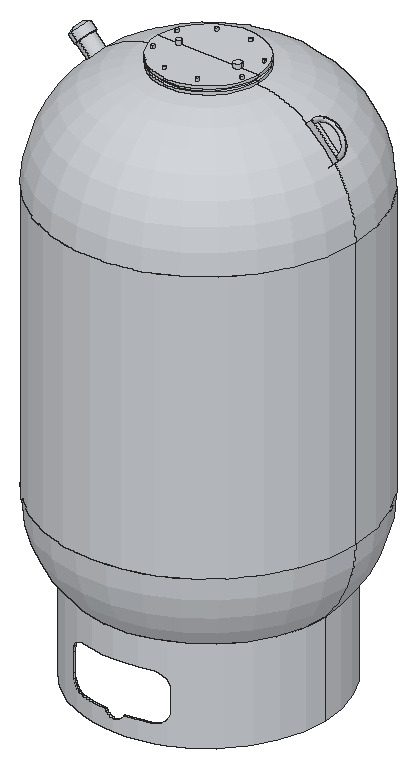
Revit family "NLA-500", category Mechanical Equipment, Revit 2014
Parameters
  VoidLength = F * 0.25  # 6"
  Void [instance] = 10"
  URL = "http://westank.com/"
  Tank Volume = "132 Gallons"
  Part Number = "22010500"
  OuterRadius = F / 2  # 12"
  Model = "NLA-500"
  Maximum Operating Temperature = "240°F"
  Maximum Operating Pressure = "125 PSIG"
  Manufacturer = "Wessels Company"
  InnerRadius = (F * 0.9844) / 2  # 11.8128"
  HandleAngle = 35.00°
  G = 5 1/4"
  F = 24"
  D = 3/4"
  C = 1 1/2"
  BottomOfTheCylinder = 6.11811"
  B = 57"
  Approximate Shipment Weight = "335 lbs"
  AngleHeight = B * 0.7878  # 44.9046"
  Angle = 35.00°
  A = 30"
Reference planes (in)
  plane 1 "Center (Front/Back)": y = 0
  plane 2: z = 0
  plane 3 "Center (Left/Right)": x = 0
  plane 4: x = -15
  plane 5: x = -3
  plane 6: x = 3
  plane 7: z = 6.11811
  plane 8: z = 33.09809
  plane 9: z = -13.90157
  plane 10: z = 33.09843
  plane 11: z = 55.85433
  plane 12: z = 56.64567
  plane 13: y = 1.9685
  plane 14: y = -1.9685
  plane 15: x = 2.1751
  plane 16: x = -2.1751
  plane 17: z = 57
  plane 18: x = 15
  plane 19: z = 44.9046
  plane 20: x = -0.75
  plane 21: x = 0.75
  plane 22: x = 5.5
  plane 23: y = 0.11793
  plane 24: y = -0.11793
  plane 25: x = -15
  plane 26: x = 15
  plane 27: x = -12
  plane 28: x = 12
  plane 29: z = 56.818
  plane 30: z = 5.25
  plane 31: x = -5
  plane 32: x = 5
  plane 33: through (-15.75, -180, 46.8421) normal (-0.7071, 0, 0.7071)
  plane 34: through (6.30024, -180, 56.97933) normal (0.7071, 0, 0.7071)
Forms (in)
  Revolve 1, solid
    sketch origin (0, 0, -5.125) x (1, 0, 0) y (0, 0, 1)
      loop
        line (0, 60.97933) -> (-4.67524, 60.97933)
        arc (-4.67524, 60.97933) -> (-12.02054, 57.44995) -> (-15, 49.86492) r 11.14461
        line (-15, 49.86492) -> (-15, 22.25504)
        arc (-15, 22.25504) -> (-12.22583, 14.91432) -> (-5.29009, 11.24311) r 11.09923
        line (-5.29009, 11.24311) -> (0, 11.24311) -> (0, 60.97933)
      axis (0, 60.97933) -> (0, 11.24311)
    angle from 0 to 360
  Extrusion 2, solid
    sketch origin (0, 0, 0) x (1, 0, 0) y (0, 1, 0)
      loop
        circle (0, 0) r 12
      loop
        circle (0, 0) r 11.8128
    from 9.98158 to 0
  Revolve 3, solid
    sketch origin (0, 0, 0) x (1, 0, 0) y (0, 0, 1)
      loop
        line (0, 56.64567) -> (0, 55.85433) -> (5.11891, 55.85433) -> (5.11891, 56.10433) -> (4.86891, 56.10433) -> (4.86891, 56.38832) -> (5.11891, 56.38832) -> (5.11891, 56.64567) -> (0, 56.64567)
      axis (0, 56.64567) -> (0, 55.85433)
    angle from 0 to 360
  Extrusion 4, solid
    sketch origin (-60.41868, -180, 55.85433) x (-1, 0, 0) y (0, -1, 0)
      loop
        circle (-57.41868, -180) r 0.25
      loop
        circle (-63.41868, -180) r 0.375
    from 1.14567 to 0.79134
  Extrusion 5, solid
    sketch origin (-0.375, -180, 1.94094) x (-1, 0, 0) y (0, -1, 0)
      loop
        circle (-0.375, -180) r 0.75
    from 3.29734 to 4.17717
  Extrusion 6, solid
    sketch origin (-125.52133, 138.32342, 1.94094) x (0.743145, 0.66913, 0) y (-0.66913, 0.743145, 0)
      loop
        circle (1.625, -182.73886) r 0.14471
    from 54.87705 to 54.70472
  Extrusion 7, solid
    sketch origin (11.37747, 186.43906, 1.94094) x (0.997899, -0.064782, 0) y (0.064782, 0.997899, 0)
      loop
        circle (1.625, -182.73886) r 0.14471
    from 54.87705 to 54.70472
  Extrusion 8, solid
    sketch origin (141.40967, 122.03391, 1.94094) x (0.650395, -0.759596, 0) y (0.759596, 0.650395, 0)
      loop
        circle (1.9502, -182.35906) r 0.14471
    from 54.87705 to 54.70472
  Extrusion 9, solid
    sketch origin (186.09748, -16.02186, 1.94094) x (-0.089639, -0.995974, 0) y (0.995974, -0.089639, 0)
      loop
        circle (1.58018, -182.24087) r 0.14471
    from 54.87705 to 54.70472
  Extrusion 10, solid
    sketch origin (118.47064, -144.40803, 1.94094) x (-0.775574, -0.631257, 0) y (0.631257, -0.775574, 0)
      loop
        circle (1.625, -182.73886) r 0.14471
    from 54.87705 to 54.70472
  Extrusion 11, solid
    sketch origin (-20.65629, -185.64021, 1.94094) x (-0.99343, 0.114441, 0) y (-0.114441, -0.99343, 0)
      loop
        circle (1.625, -182.73886) r 0.14471
    from 54.87705 to 54.70472
  Extrusion 12, solid
    sketch origin (-147.31662, -114.83373, 1.94094) x (-0.611725, 0.79107, 0) y (-0.79107, -0.611725, 0)
      loop
        circle (1.93086, -182.34332) r 0.14471
    from 54.87705 to 54.70472
  Extrusion 13, solid
    sketch origin (-185.06756, 25.27789, 1.94094) x (0.139172, 0.990268, 0) y (-0.990268, 0.139172, 0)
      loop
        circle (1.55541, -182.24372) r 0.14471
    from 54.87705 to 54.70472
Cuts and joins
  joined: Revolve 1, Extrusion 2
Lines and regions (in)
  reference lines
    curve 1: line (0, 0, 44.9046) -> (-5.93885, 0, 49.06303)
    curve 2: line (0, 0, 44.9046) -> (5.93885, 0, 49.06303)
Dimensions and locks (in)
  equal spacing: plane 6, plane 3 "Center (Left/Right)", plane 5
  "VoidLength": plane 6 to plane 5
  "BottomOfTheCylinder": plane 7 to level
  locked: plane 12 to plane 11 at 0.79134
  equal spacing: plane 16, plane 3 "Center (Left/Right)", plane 15
  equal spacing: plane 13, plane 1 "Center (Front/Back)", plane 14
  "B": plane 17 to level
  equal spacing: plane 18, plane 3 "Center (Left/Right)", plane 4
  "A": plane 18 to plane 4
  locked: plane 5 to Extrusion 4 sketch curve at 0
  locked: Extrusion 4 sketch curve to plane 1 "Center (Front/Back)" at 0  (x2)
  locked: Extrusion 4 sketch curve to plane 6 at 0
  "C": plane 21 to plane 20
  equal spacing: plane 21, plane 3 "Center (Left/Right)", plane 20
  locked: plane 17 to plane 12 at 0.35433
  equal spacing: plane 23, curve 2, plane 24
  equal spacing: plane 26, plane 3 "Center (Left/Right)", plane 25
  "A": plane 26 to plane 25
  equal spacing: plane 28, plane 3 "Center (Left/Right)", plane 27
  "F": plane 28 to plane 27
  locked: plane 17 to plane 29 at 0.182
  locked: plane 7 to Extrusion 5 at 0.87983
  "G": plane 30 to level
  "AngleHeight": plane 19 to level
  equal spacing: plane 32, plane 3 "Center (Left/Right)", plane 31
  "Void": plane 32 to plane 31
  "OuterRadius": radius of Extrusion 2 sketch curve
  "InnerRadius": radius of Extrusion 2 sketch curve
  "D": diameter of Extrusion 4 sketch curve
  "C": diameter of Extrusion 5 sketch curve
  "Angle": angle curve 1 to plane 19
  "HandleAngle": angle plane 19 to curve 2
  aligned and locked: level to plane 2
  aligned and locked: Extrusion 2 to level
  aligned and locked: Revolve 3 sketch curve to plane 11
  aligned and locked: plane 12 to Revolve 3 sketch curve
  aligned and locked: Revolve 3 sketch curve to plane 3 "Center (Left/Right)"  (x2)
  aligned and locked: Revolve 1 sketch curve to plane 11
  aligned and locked: plane 4 to Revolve 1 sketch curve
  aligned and locked: Extrusion 4 to plane 12
  aligned and locked: plane 17 to Extrusion 4
  aligned and locked: plane 3 "Center (Left/Right)" to curve 1
  aligned and locked: plane 19 to curve 1
  aligned and locked: plane 19 to curve 2
  aligned and locked: plane 3 "Center (Left/Right)" to curve 2
  aligned and locked: plane 7 to Extrusion 5
  aligned and locked: Extrusion 12 to Extrusion 13
  aligned and locked: Extrusion 6 to Extrusion 13
  aligned and locked: Extrusion 11 to Extrusion 6
  aligned and locked: Extrusion 7 to Extrusion 11
  aligned and locked: Extrusion 10 to Extrusion 7
  aligned and locked: Extrusion 8 to Extrusion 10
  aligned and locked: Extrusion 9 to Extrusion 10
  aligned and locked: Extrusion 8 to Extrusion 9
  aligned and locked: Extrusion 10 to Extrusion 9
  aligned and locked: Extrusion 7 to Extrusion 9
  aligned and locked: Extrusion 11 to Extrusion 9
  aligned and locked: Extrusion 6 to Extrusion 9
  aligned and locked: Extrusion 12 to Extrusion 6
  aligned and locked: Extrusion 13 to Extrusion 6
  aligned and locked: plane 29 to Extrusion 12
  aligned and locked: Extrusion 12 to Revolve 3
  aligned and locked: plane 1 "Center (Front/Back)" to nested 2
  aligned and locked: nested 2 to plane 3 "Center (Left/Right)"
  aligned and locked: nested 3 to plane 1 "Center (Front/Back)"
Automatic sketch dimensions
  Revolve 3 sketch curve to plane 11 = 0"
  plane 11 to Revolve 3 sketch curve = 1/4"
  plane 6 to Revolve 3 sketch curve = 1.86891"
  Revolve 3 sketch curve to Revolve 3 sketch curve = 1/4"  (x2)
  Revolve 3 sketch curve to plane 12 = 0.25735"
  Revolve 3 sketch curve to Revolve 3 sketch curve = 1/2"
  Revolve 1 sketch curve to plane 3 "Center (Left/Right)" = 0"  (x2)
  Revolve 1 sketch curve to plane 5 = 0.90077"
  Revolve 1 sketch curve to plane 5 = 0.85539"
  Revolve 1 sketch curve to plane 5 = 1.67524"
  Revolve 1 sketch curve to plane 5 = 2.29009"
  Revolve 1 sketch curve to level = 2.26259"
  Revolve 1 sketch curve to plane 11 = 1.77165"
  Revolve 1 sketch curve to plane 7 = 0"
  plane 16 to Extrusion 6 sketch curve = 0.13744"
  plane 13 to Extrusion 6 sketch curve = 1.64072"
  plane 21 to Extrusion 7 sketch curve = 0.41095"
  plane 13 to Extrusion 7 sketch curve = 2.01028"
  Extrusion 8 sketch curve to plane 13 = 0.02145"
  plane 6 to Extrusion 8 sketch curve = 1.1589"
  plane 14 to Extrusion 9 sketch curve = 0.70873"
  plane 6 to Extrusion 9 sketch curve = 1.44861"
  Extrusion 10 sketch curve to plane 15 = 0.31987"
  Extrusion 10 sketch curve to plane 14 = 1.7378"
  Extrusion 11 sketch curve to plane 20 = 0.60782"
  Extrusion 11 sketch curve to plane 14 = 1.94747"
  plane 14 to Extrusion 12 sketch curve = 0.20625"
  Extrusion 12 sketch curve to plane 5 = 1.2514"
  Extrusion 13 sketch curve to plane 13 = 0.51348"
  Extrusion 13 sketch curve to plane 5 = 1.38091"
  Extrusion 2 sketch curve to Extrusion 2 sketch curve = 0"  (x2)
  plane 1 "Center (Front/Back)" to Extrusion 2 sketch curve = 0"
  Extrusion 2 sketch curve to plane 3 "Center (Left/Right)" = 0"
  plane 1 "Center (Front/Back)" to Extrusion 5 sketch curve = 0"
  Extrusion 5 sketch curve to plane 3 "Center (Left/Right)" = 0"
  radius of Extrusion 6 sketch curve = 0.14471"
  radius of Extrusion 7 sketch curve = 0.14471"
  radius of Extrusion 8 sketch curve = 0.14471"
  radius of Extrusion 9 sketch curve = 0.14471"
  radius of Extrusion 10 sketch curve = 0.14471"
  radius of Extrusion 11 sketch curve = 0.14471"
  radius of Extrusion 12 sketch curve = 0.14471"
  radius of Extrusion 13 sketch curve = 0.14471"
  radius of Extrusion 4 sketch curve = 1/4"
Nested families (in)
  nested 1: "BottomVoid" at (-0.05418, -11.99988, 4.24336) x (1, -0.0045, 0) z (-0.0045, -1, 0), VoidLength <- "Void", type "BottomVoid"
    with VoidLength 10", VoidHeight 4.86049"
  nested 2: "ElbowConnector" at (0, 0, 5.23828) x (0, -1, 0) z (0, 0, 1), PipeDiameter <- "C", type "ElbowConnector"
    with PipeDiameter 1 1/2", NutDiameter 1 7/8"
  nested 3: "TopConnector" at (-10.59857, 0, 51.99353) x (0, 1, 0) z (-0.7071, 0, 0.7071), type "TopConnector"
  nested 4: "Hook" at (11.09153, 0, 52.18804) x (-0.7071, 0, 0.7071) z (0.7071, 0, 0.7071), type "Hook"
Connectors (in)
  piping at (3, 0, 57), diameter 0.75, driven by "D"
    settings: on Extrusion 4, index 3, connector inside diameter 24", connector length 0", flow factor 0, pipe flow 0 GPM, pressure drop 0.00 psi, fitting loss kfactor 0, connector angle 0.00°, fixture units 0, engagement length 0", angle of deflection 0.00°, flow configuration 0, flow direction 0, fitting loss method 0, system type 19, joint type 0, gender type 0, connector reference index -1, connector utility 0, adjustable connector no, is connector primary yes, connector description ""
  piping at (0, -1.35433, 3.23828), diameter 1.5, driven by "C"
    settings: on nested 2, index 4, connector inside diameter 24", connector length 0", flow factor 0, pipe flow 0 GPM, pressure drop 0.00 psi, fitting loss kfactor 0, connector angle 0.00°, fixture units 0, engagement length 0", angle of deflection 0.00°, flow configuration 0, flow direction 0, fitting loss method 0, system type 7, joint type 0, gender type 0, connector reference index -1, connector utility 0, adjustable connector no, is connector primary no, connector description ""
Definition of nested family "ElbowConnector"
  Parameters (values of type "ElbowConnector")
    PipeDiameter [instance] = 2"
    NutDiameter [instance] = PipeDiameter * 1.25  # 2 1/2"
    Default Elevation = 48"
  Reference planes (in)
    plane 1 "Center (Front/Back)": y = 0
    plane 2: z = 0
    plane 3 "Center (Left/Right)": x = 0
    plane 4: y = 12.38632
    plane 5: x = 2
    plane 6: z = -2
    plane 7: z = -0.64561
    plane 8: z = 0.64561
    plane 9: z = -1.12604
    plane 10: x = 0.70866
    plane 11: x = 0.70866
    plane 12: x = 1.35433
  Forms (in)
    Extrusion 1, solid
      sketch origin (0, 0, 0) x (1, 0, 0) y (0, 1, 0)
        loop
          line (-48, 48) -> (-48, -48) -> (48, -48) -> (48, 48) -> (-48, 48)
      from 0 to -12
    Sweep 2, solid
      path origin (0, 0, 0) x (1, 0, 0) y (0, 0, 1)
        loop
          line (0, 0) -> (0, -0.67719)
          arc (0, -0.67719) -> (0.38744, -1.61256) -> (1.32281, -2) r 1.32281
          line (1.32281, -2) -> (1.35433, -2)
      profile origin (0, 0, -0.3386) x (0, -1, 0) y (1, 0, 0)
        loop
          circle (0, 0) r 1
    Extrusion 3, solid
      sketch origin (0.88583, -180, 0.64561) x (1, 0, 0) y (0, 1, 0)
        loop
          circle (-0.88583, 180) r 1.25
      from 0 to -1.29123
    Extrusion 4, solid
      sketch origin (1.35433, 0, -2) x (0, -1, 0) y (0, 0, -1)
        loop
          circle (0, 0) r 1.25
      from 0.64567 to -0.64567
  Dimensions and locks (in)
    locked: plane 5 to plane 3 "Center (Left/Right)" at 2
    "PipeDiameter": diameter of Sweep 2 sketch curve
    "NutDiameter": diameter of Extrusion 3 sketch curve
    "NutDiameter": diameter of Extrusion 4 sketch curve
    aligned and locked: plane 2 to Extrusion 1
    aligned and locked: level to Extrusion 1
    aligned and locked: plane 7 to Extrusion 3
    aligned and locked: plane 2 to Sweep 2 sketch curve
    aligned and locked: plane 12 to Sweep 2 sketch curve
    aligned and locked: plane 5 to Extrusion 4
  Automatic sketch dimensions
    Extrusion 1 sketch curve to Extrusion 1 sketch curve = 96"  (x2)
    Sweep 2 sketch curve to plane 3 "Center (Left/Right)" = 0"
    Sweep 2 sketch curve to plane 6 = 0"
    plane 7 to Sweep 2 sketch curve = 0.03158"
    plane 1 "Center (Front/Back)" to Sweep 2 sketch curve = 0"
    Sweep 2 sketch curve to profile plane = 0"
    plane 1 "Center (Front/Back)" to Extrusion 3 sketch curve = 0"
    Extrusion 3 sketch curve to plane 3 "Center (Left/Right)" = 0"
Definition of nested family "TopConnector"
  Parameters (values of type "TopConnector")
    Default Elevation = 48"
  Reference planes (in)
    plane 1 "Center (Front/Back)": y = 0
    plane 2: z = 0
    plane 3 "Center (Left/Right)": x = 0
    plane 4: x = -1.03346
    plane 5: x = 1.03346
  Forms (in)
    Extrusion 1, solid
      sketch origin (0, 0, 0) x (1, 0, 0) y (0, 1, 0)
        loop
          line (-48, 48) -> (-48, -48) -> (48, -48) -> (48, 48) -> (-48, 48)
      from 0 to -12
    Revolve 2, solid
      sketch origin (0, 0, 0) x (1, 0, 0) y (0, 0, 1)
        loop
          line (0, 0) -> (0.90481, 0) -> (0.90481, 2.70509) -> (1.03346, 2.70509) -> (1.03346, 3.58595)
          arc (1.03346, 3.58595) -> (0.53755, 3.80669) -> (0, 3.88222) r 1.95064
          line (0, 3.88222) -> (0, 0)
        axis (0, 3.88222) -> (0, 0)
      angle from 0 to 360
  Dimensions and locks (in)
    equal spacing: plane 5, plane 3 "Center (Left/Right)", plane 4
    aligned and locked: plane 2 to Extrusion 1
    aligned and locked: level to Extrusion 1
    aligned and locked: Revolve 2 sketch curve to plane 5
    aligned and locked: plane 2 to Revolve 2 sketch curve
    aligned and locked: plane 3 "Center (Left/Right)" to Revolve 2 sketch curve
    aligned and locked: Revolve 2 sketch curve to plane 3 "Center (Left/Right)"
  Automatic sketch dimensions
    Extrusion 1 sketch curve to Extrusion 1 sketch curve = 96"  (x2)
    Revolve 2 sketch curve to Revolve 2 sketch curve = 0.12866"
    Revolve 2 sketch curve to Revolve 2 sketch curve = 1.93158"
    Revolve 2 sketch curve to Revolve 2 sketch curve = 0.77351"
    Revolve 2 sketch curve to Revolve 2 sketch curve = 0.88086"
    Revolve 2 sketch curve to level = 0.20685"
    Revolve 2 sketch curve to Revolve 2 sketch curve = 0.5008"
Definition of nested family "Hook"
  Parameters (values of type "Hook")
    Length = 3.93701"
    Height = 1.37795"
    Depth = 0.3937"
    Default Elevation = 48"
    CircleDiameter = Length * 0.1  # 0.3937"
  Reference planes (in)
    plane 1 "Center (Front/Back)": y = 0
    plane 2: z = 0
    plane 3 "Center (Left/Right)": x = 0
    plane 4: y = 0.19685
    plane 5: y = -0.19685
    plane 6: x = -1.9685
    plane 7: x = 1.9685
    plane 8: z = 1.37795
    plane 9: x = -1.5748
    plane 10: x = 1.5748
    plane 11: x = -1.77165
    plane 12: x = 1.77165
    plane 13: z = 3.15368
  Forms (in)
    Extrusion 1, solid
      sketch origin (0, 0, 0) x (1, 0, 0) y (0, 1, 0)
        loop
          line (-48, 48) -> (-48, -48) -> (48, -48) -> (48, 48) -> (-48, 48)
      from 0 to -12
    Extrusion 2, solid
      sketch origin (0, 0, 0) x (1, 0, 0) y (0, 1, 0)
        loop
          line (-1.9685, 0.19685) -> (-1.9685, -0.19685) -> (1.9685, -0.19685) -> (1.9685, 0.19685) -> (-1.9685, 0.19685)
      from 0 to 1.37795
    Sweep 3, solid
      path origin (0, 0, 0) x (1, 0, 0) y (0, 0, 1)
        loop
          arc (-1.77165, 1.37795) -> (0, 3.14961) -> (1.77165, 1.37795) r 1.77165
      profile origin (0, 0, 3.14961) x (0, 0, 1) y (0, -1, 0)
        loop
          circle (0, 0) r 0.19685
  Dimensions and locks (in)
    equal spacing: plane 4, plane 1 "Center (Front/Back)", plane 5
    "Depth": plane 4 to plane 5
    equal spacing: plane 6, plane 3 "Center (Left/Right)", plane 7
    "Length": plane 6 to plane 7
    "Height": plane 8 to Extrusion 1
    locked: plane 1 "Center (Front/Back)" to Sweep 3 sketch curve at 0
    equal spacing: plane 9, plane 11, plane 6
    equal spacing: plane 7, plane 12, plane 10
    locked: plane 7 to plane 12 at 0.19685
    locked: plane 11 to plane 6 at 0.19685
    "CircleDiameter": diameter of Sweep 3 sketch curve
    aligned and locked: plane 2 to Extrusion 1
    aligned and locked: level to Extrusion 1
    aligned and locked: Extrusion 2 sketch curve to plane 4
    aligned and locked: plane 6 to Extrusion 2 sketch curve
    aligned and locked: plane 5 to Extrusion 2 sketch curve
    aligned and locked: Extrusion 2 sketch curve to plane 7
    aligned and locked: plane 8 to Extrusion 2
    aligned and locked: plane 8 to Sweep 3 sketch curve  (x2)
    aligned and locked: plane 11 to Sweep 3 sketch curve
    aligned and locked: plane 12 to Sweep 3 sketch curve
  Automatic sketch dimensions
    Extrusion 1 sketch curve to Extrusion 1 sketch curve = 96"  (x2)
    Extrusion 2 sketch curve to plane 6 = 0"
    profile plane to Sweep 3 sketch curve = 0"
